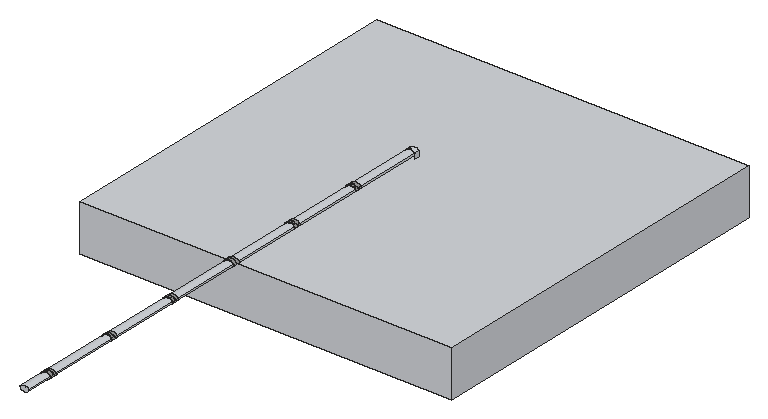
Revit family "Planet-Wattohm Colonnes Logix Ovaline Horizontal", category Installations électriques, Revit 2020
Family settings
  Hôte = Face
  Conserver l'orientation des annotations = Non
  Cote de connecteur circulaire = Utiliser le diamètre
  Type d'élément = Normal
  Couper avec des vides une fois chargée = Non
  Partagée = Non
  Point de calcul de pièce = Non
Parameters (values of type "sortie de cable Ovaline rigide")
  Standard = "Ovaline"
  Solo [instance] = and(Longueur < 1001 mm, Longueur > 500 mm)  # no
  Nombre de compartiments = "Autre"
  Nb Bracket [instance] = if(Longueur / 500 mm - 0.501 < 2, 2, if(Longueur / 500 mm - 0.501 > 6, 6, Longueur / 500 mm - 0.501))  # 6
  Multiple [instance] = Longueur > 1000 mm  # yes
  Modèle = "PW-32365"
  Matériau principal = "Plastique"
  Longueur [instance] = 3200 mm
  Jonction Accessory [instance] = yes
  Finition = "Gris"
  Fabricant = "PLANET WATTOHM"
  Default Elevation = 0 mm
  Décalage [instance] = 200 mm
  Description = "Ovaline souple"
Reference planes
  plane 1 "Centre (avant/arrière)": y = 0
  plane 2: z = 0
  plane 3 "Centre (gauche/droite)": x = 0
  plane 4: z = 200
  plane 5: y = -3200
  plane 6: y = -500
  plane 7: y = -1000
Forms (mm)
  Extrusion 1, solid
    sketch origin (0, 0, 0) x (1, 0, 0) y (0, 1, 0)
      loop
        line (-1219.2, 1219.2) -> (-1219.2, -1219.2) -> (1219.2, -1219.2) -> (1219.2, 1219.2) -> (-1219.2, 1219.2)
    from 0 to -304.8
  Extrusion 2, solid
    sketch origin (0, 0, 0) x (1, 0, 0) y (0, 0, 1)
      loop
        arc (-27.5, 195) -> (0, 183.5) -> (27.5, 195) r 38.63
        line (27.5, 195) -> (27.5, 205)
        arc (27.5, 205) -> (0, 216.5) -> (-27.5, 205) r 38.63
        line (-27.5, 205) -> (-27.5, 195)
    from 0 to 3200
  Extrusion 3, void
    sketch origin (0, 0, 0) x (1, 0, 0) y (0, 0, 1)
      loop
        line (-46.72, 240.095) -> (-46.72, 155.095) -> (48.28, 155.095) -> (48.28, 240.095) -> (-46.72, 240.095)
    from 3200 to 3308.443
  Extrusion 4, solid, visible <- "Jonction Accessory"
    sketch origin (0, 0, 0) x (1, 0, 0) y (0, 0, 1)
      loop
        line (27.5, 205) -> (27.5, 170) -> (29.5, 170) -> (29.5, 205.808)
        arc (29.5, 205.808) -> (0, 218.5) -> (-29.5, 205.808) r 40.63
        line (-29.5, 205.808) -> (-29.5, 170) -> (-27.5, 170) -> (-27.5, 205)
        arc (-27.5, 205) -> (0, 216.5) -> (27.5, 205) r 38.63
    from 0 to 30
Cuts and joins
  Extrusion 3 cuts Extrusion 2
Dimensions and locks
  "Décalage": plane 4 to plane 2
  "Longueur": plane 5 to plane 1 "Centre (avant/arrière)"
  locked: plane 6 to plane 1 "Centre (avant/arrière)" at 500
  locked: plane 6 to plane 7 at 500
  equal spacing: group 1, group 2, group 3, group 4, group 5, group 6  (x2)
  equal spacing: group 6, group 5, group 4, group 3, group 2, group 1
  aligned and locked: plane 2 to Extrusion 1
  aligned and locked: level to Extrusion 1
  aligned and locked: plane 4 to nested 1
  aligned and locked: plane 4 to nested 3
  aligned and locked: plane 5 to Extrusion 3
  aligned and locked: plane 4 to nested 7
Automatic sketch dimensions
  Extrusion 1 sketch curve to Extrusion 1 sketch curve = 2438.4 mm  (x2)
  Extrusion 2 sketch curve to plane 3 "Centre (gauche/droite)" = 0 mm  (x2)
  plane 4 to Extrusion 2 sketch curve = 5 mm  (x2)
  Extrusion 2 sketch curve to plane 3 "Centre (gauche/droite)" = 27.5 mm
  Extrusion 2 sketch curve to plane 4 = 5 mm
  Extrusion 2 sketch curve to plane 4 = 22.13 mm
  plane 4 to Extrusion 2 sketch curve = 22.13 mm
  Extrusion 3 sketch curve to plane 3 "Centre (gauche/droite)" = 46.72 mm
  plane 3 "Centre (gauche/droite)" to Extrusion 3 sketch curve = 48.28 mm
  Extrusion 3 sketch curve to plane 4 = 44.905 mm
  plane 4 to Extrusion 3 sketch curve = 40.095 mm
  Extrusion 4 sketch curve to Extrusion 4 sketch curve = 0 mm  (x2)
  Extrusion 4 sketch curve to plane 3 "Centre (gauche/droite)" = 0 mm
  Extrusion 4 sketch curve to plane 3 "Centre (gauche/droite)" = 27.5 mm
  Extrusion 4 sketch curve to Extrusion 4 sketch curve = 2 mm  (x2)
  plane 4 to Extrusion 4 sketch curve = 5 mm
  plane 3 "Centre (gauche/droite)" to Extrusion 4 sketch curve = 27.5 mm
  Extrusion 4 sketch curve to plane 4 = 22.13 mm
  Extrusion 4 sketch curve to plane 4 = 30 mm
  Extrusion 4 sketch curve to Extrusion 4 sketch curve = 7.87 mm
  Extrusion 4 sketch curve to Extrusion 4 sketch curve = 0.808 mm
Nested families
  nested 1: "Bracket" at (0, -500, 200) x (-1, 0, 0) z (0, 0, 1), visible <- "Multiple", type "Bracket"
  nested 2: "Bracket" at (0, -1000, 200) x (-1, 0, 0) z (0, 0, 1), visible <- "Multiple", type "Bracket"
  nested 3: "Bracket" at (0, -500, 200), visible <- "Solo", type "Bracket"
  nested 4: "Bracket" at (0, -1500, 200) x (-1, 0, 0) z (0, 0, 1), visible <- "Multiple", type "Bracket"
  nested 5: "Bracket" at (0, -2000, 200) x (-1, 0, 0) z (0, 0, 1), visible <- "Multiple", type "Bracket"
  nested 6: "Bracket" at (0, -2500, 200) x (-1, 0, 0) z (0, 0, 1), visible <- "Multiple", type "Bracket"
  nested 7: "Bracket" at (0, -3000, 200) x (-1, 0, 0) z (0, 0, 1), visible <- "Multiple", type "Bracket"
Definition of nested family "Bracket"
  Parameters (values of type "Famille3")
    Default Elevation = 0 mm
  Reference planes
    plane 1 "Centre (avant/arrière)": y = 0
    plane 2: z = 0
    plane 3 "Centre (gauche/droite)": x = 0
  Forms (mm)
    Extrusion 1, solid
      sketch origin (0, 0, 0) x (1, 0, 0) y (0, 0, 1)
        loop
          line (27.5, 5) -> (27.5, -5)
          arc (27.5, -5) -> (19.429, -11.259) -> (10, -15.183) r 38.63
          line (10, -15.183) -> (10, -20.252) -> (-10, -20.252) -> (-10, -15.183)
          arc (-10, -15.183) -> (-19.429, -11.259) -> (-27.5, -5) r 38.63
          line (-27.5, -5) -> (-27.5, 5)
          arc (-27.5, 5) -> (-26.233, 6.227) -> (-24.911, 7.395) r 38.63
          line (-24.911, 7.395) -> (-24.911, 8.691)
          arc (-24.911, 8.691) -> (-28.086, 5.829) -> (-30.934, 2.641) r 39.63
          line (-30.934, 2.641) -> (-29.643, 2.641)
          arc (-29.643, 2.641) -> (-29.079, 3.301) -> (-28.5, 3.948) r 38.63
          line (-28.5, 3.948) -> (-28.5, -5.407)
          arc (-28.5, -5.407) -> (-20.44, -11.822) -> (-11, -15.943) r 39.63
          line (-11, -15.943) -> (-11, -21.252) -> (11, -21.252) -> (11, -15.943)
          arc (11, -15.943) -> (20.44, -11.822) -> (28.5, -5.407) r 39.63
          line (28.5, -5.407) -> (28.5, 3.948)
          arc (28.5, 3.948) -> (29.079, 3.301) -> (29.643, 2.641) r 38.63
          line (29.643, 2.641) -> (30.934, 2.641)
          arc (30.934, 2.641) -> (28.086, 5.829) -> (24.911, 8.691) r 39.63
          line (24.911, 8.691) -> (24.911, 7.395)
          arc (24.911, 7.395) -> (26.233, 6.227) -> (27.5, 5) r 38.63
        loop
          line (-36.436, 0) -> (-29.589, 0) -> (-29.589, 2.081) -> (-33.866, 2.081)
          arc (-33.866, 2.081) -> (0, 19.5) -> (33.866, 2.081) r 41.63
          line (33.866, 2.081) -> (29.589, 2.081) -> (29.589, 0) -> (36.436, 0)
          arc (36.436, 0) -> (0, 20.5) -> (-36.436, 0) r 42.63
      from 0 to -20
    Extrusion 2, solid
      sketch origin (0, 0, 0) x (1, 0, 0) y (0, 0, 1)
        loop
          line (27.5, 5) -> (27.5, -5)
          arc (27.5, -5) -> (19.429, -11.259) -> (10, -15.183) r 38.63
          line (10, -15.183) -> (10, -20.252) -> (-10, -20.252) -> (-10, -15.183)
          arc (-10, -15.183) -> (-19.429, -11.259) -> (-27.5, -5) r 38.63
          line (-27.5, -5) -> (-27.5, 5)
          arc (-27.5, 5) -> (-26.233, 6.227) -> (-24.911, 7.395) r 38.63
          line (-24.911, 7.395) -> (-24.911, 8.691)
          arc (-24.911, 8.691) -> (-28.086, 5.829) -> (-30.934, 2.641) r 39.63
          line (-30.934, 2.641) -> (-29.643, 2.641)
          arc (-29.643, 2.641) -> (-29.079, 3.301) -> (-28.5, 3.948) r 38.63
          line (-28.5, 3.948) -> (-28.5, -5.407)
          arc (-28.5, -5.407) -> (-20.44, -11.822) -> (-11, -15.943) r 39.63
          line (-11, -15.943) -> (-11, -21.252) -> (11, -21.252) -> (11, -15.943)
          arc (11, -15.943) -> (20.44, -11.822) -> (28.5, -5.407) r 39.63
          line (28.5, -5.407) -> (28.5, 3.948)
          arc (28.5, 3.948) -> (29.079, 3.301) -> (29.643, 2.641) r 38.63
          line (29.643, 2.641) -> (30.934, 2.641)
          arc (30.934, 2.641) -> (28.086, 5.829) -> (24.911, 8.691) r 39.63
          line (24.911, 8.691) -> (24.911, 7.395)
          arc (24.911, 7.395) -> (26.233, 6.227) -> (27.5, 5) r 38.63
        loop
          line (-36.436, 0) -> (-29.589, 0) -> (-29.589, 2.081) -> (-33.866, 2.081)
          arc (-33.866, 2.081) -> (0, 19.5) -> (33.866, 2.081) r 41.63
          line (33.866, 2.081) -> (29.589, 2.081) -> (29.589, 0) -> (36.436, 0)
          arc (36.436, 0) -> (0, 20.5) -> (-36.436, 0) r 42.63
      from 0 to 20
  Dimensions and locks
    aligned and locked: level to plane 2
